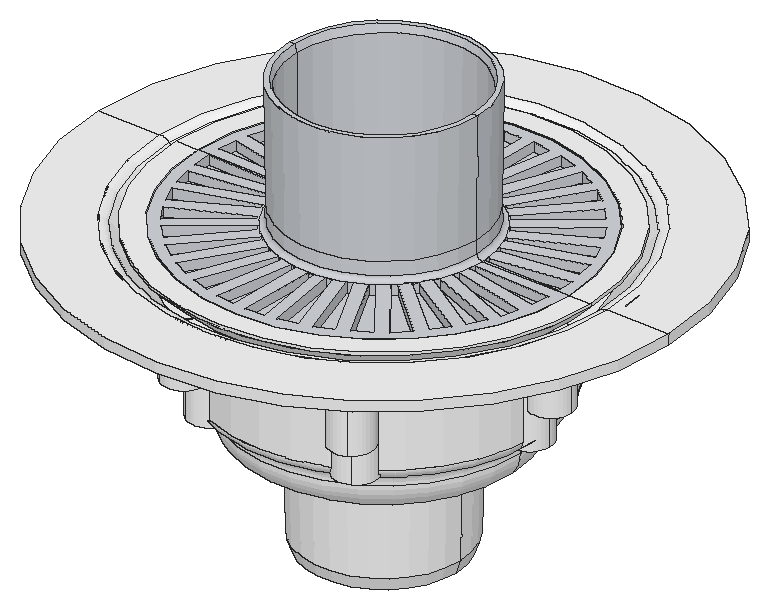
Revit family "3000.109.1 & 110.1 DPJ 65x65 BF", category Plumbing Fixtures, Revit 2019
Family settings
  Round Connector Dimension = Use Diameter
  Part Type = Normal
  OmniClass Number = 23.45.00.00
  Work Plane-Based = No
  Always vertical = Yes
  Cut with Voids When Loaded = No
  Shared = No
  Room Calculation Point = No
Parameters (values of type "DPJ 65x65v")
  Waste Connection = yes
  Vent Connection = no
  V = not(NV)  # yes
  URL = "www.aquaknight.co.nz"
  Phone = "+6498322214"  # constant formula
  NV = no
  Model = "3000.109.1"
  Manufacturer = "Aquanight Industries Ltd"  # constant formula
  Inlet = 26 mm
  HW Connection = no
  Email = "info@aquaknight.co.nz"  # constant formula
  Description = "DownPipe Junction 65x65 vented"
  CW Connection = no
Types (2, lengths in mm): name | V | NV | Model | Inlet | Description
  DPJ 65x65v | yes | no | "3000.109.1" | 26 | "DownPipe Junction 65x65 vented"
  DPJ 65x65nv | no | yes | "3000.110.1" | 27.5 | "DownPipe Junction 65x65 non-vented"
Reference planes
  plane 1 "Center (Front/Back)": y = 0
  plane 2: z = 0
  plane 3 "Center (Left/Right)": x = 0
  plane 4: z = -98.932
  plane 5: z = 26
Forms (mm)
  Revolve 1, solid, material "Plastic, Glossy White"
    sketch origin (0, 0, -4) x (1, 0, 0) y (0, 0, 1)
      loop
        line (115, 0) -> (115, 4) -> (90.299, 4)
        arc (90.299, 4) -> (88.306, 3.585) -> (86.643, 2.41) r 5
        line (86.643, 2.41) -> (74.57, -10.536) -> (74.57, -12.5) -> (58.75, -12.5) -> (58.418, -50.494)
        arc (58.418, -50.494) -> (53.232, -54.057) -> (51.2, -60.012) r 10
        arc (51.2, -60.012) -> (49.075, -65.373) -> (43.898, -67.912) r 8
        line (43.898, -67.912) -> (28.029, -69.3) -> (26.87, -112.137) -> (29.46, -112.137) -> (31, -107.397) -> (31.931, -72.974) -> (44.246, -71.897)
        arc (44.246, -71.897) -> (52.012, -68.088) -> (55.2, -60.047) r 12
        arc (55.2, -60.047) -> (56.482, -56.392) -> (59.73, -54.282) r 6
        arc (59.73, -54.282) -> (61.906, -52.862) -> (62.75, -50.404) r 4
        line (62.75, -50.404) -> (62.75, -19.5) -> (74.07, -19.5)
        arc (74.07, -19.5) -> (76.898, -18.328) -> (78.07, -15.5) r 4
        line (78.07, -15.5) -> (78.07, -13.588)
        arc (78.07, -13.588) -> (78.236, -12.713) -> (78.711, -11.961) r 2.385
        line (78.711, -11.961) -> (89.864, 0) -> (115, 0)
      loop
        line (83.727, 2.845) -> (83.727, 4) -> (75.25, 4) -> (75.25, -0.6) -> (59.25, -0.6) -> (59.25, -5.1) -> (75.5, -5.1) -> (83.727, 2.845)
      axis (0, 4) -> (0, -112.137)
    angle from 0 to 360
  Extrusion 2, solid, material "Plastic, Glossy White", detail levels fine
    sketch origin (0, 0, -4) x (1, 0, 0) y (0, 1, 0)
      loop
        circle (-67.55, 0) r 8.2
      loop
        circle (67.55, 0) r 8.2
      loop
        circle (-33.775, -58.5) r 8.2
      loop
        circle (33.775, 58.5) r 8.2
      loop
        circle (33.775, -58.5) r 8.2
      loop
        circle (-33.775, 58.5) r 8.2
    from -38.379 to -12.5
  Revolve 3, solid, visible <- "V"
    sketch origin (0, 0, 0) x (1, 0, 0) y (0, 0, 1)
      loop
        line (35.279, 48.923) -> (34.624, -1.09) -> (31.114, -4.6) -> (31.114, -8.585) -> (35.1, -4.6) -> (74.875, -4.6) -> (74.875, -0.163) -> (39.508, -0.162)
        arc (39.508, -0.162) -> (38.119, 0.399) -> (37.51, 1.768) r 2
        line (37.51, 1.768) -> (37.329, 6.932) -> (37.918, 51.875) -> (36.111, 51.875) -> (35.279, 48.923)
      axis (0, 51.875) -> (0, -8.585)
    angle from 0 to 360
  Revolve 4, solid, material "Stainless Steel", visible <- "NV"
    sketch origin (0, 0, 0) x (1, 0, 0) y (0, 0, 1)
      loop
        line (-37.905, 55.395) -> (-37.266, 6.57)
        arc (-37.266, 6.57) -> (-38.025, 4.684) -> (-39.901, 3.9) r 2.635
        line (-39.901, 3.9) -> (-83.625, 3.9) -> (-83.625, 0.426) -> (-53.071, 0.038) -> (-35.237, 0.037) -> (-31.114, -4.085) -> (-31.114, 0.864) -> (-34.637, 4.387) -> (-35.265, 52.395) -> (-36.111, 55.395) -> (-37.905, 55.395)
      loop
        line (-75.25, 0.037) -> (-83.656, 0.037) -> (-83.656, -1.232) -> (-76.076, -8.812) -> (-59.25, -8.812) -> (-59.25, -4.6) -> (-75.25, -4.6) -> (-75.25, 0.037)
      axis (0, 55.395) -> (0, -8.812)
    angle from 0 to 360
  Extrusion 5, void
    sketch origin (0, 0, 0) x (1, 0, 0) y (0, 1, 0)
      loop
        line (-16.76, 36.181) -> (-14.686, 37.071) -> (-24.247, 66.093) -> (-31.215, 63.102) -> (-16.76, 36.181)
      loop
        line (-10.223, 38.542) -> (-8.026, 39.058) -> (-12.402, 69.299) -> (-19.783, 67.563) -> (-10.223, 38.542)
      loop
        line (-3.375, 39.731) -> (-1.122, 39.859) -> (-0.18, 70.4) -> (-7.75, 69.972) -> (-3.375, 39.731)
      loop
        line (3.576, 39.714) -> (5.817, 39.448) -> (12.048, 69.361) -> (4.518, 70.255) -> (3.576, 39.714)
      loop
        line (-36.096, 16.943) -> (-35.079, 18.958) -> (-61.058, 35.044) -> (-64.473, 28.274) -> (-36.096, 16.943)
      loop
        line (-32.605, 22.954) -> (-31.254, 24.761) -> (-54.045, 45.114) -> (-58.584, 39.04) -> (-32.605, 22.954)
      loop
        line (-28.124, 28.267) -> (-26.48, 29.812) -> (-45.39, 53.814) -> (-50.914, 48.62) -> (-28.124, 28.267)
      loop
        line (-22.788, 32.721) -> (-20.901, 33.958) -> (-35.356, 60.878) -> (-41.698, 56.723) -> (-22.788, 32.721)
      loop
        line (-38.542, -10.223) -> (-39.058, -8.026) -> (-69.299, -12.402) -> (-67.563, -19.783) -> (-38.542, -10.223)
      loop
        line (-39.731, -3.375) -> (-39.859, -1.122) -> (-70.4, -0.18) -> (-69.972, -7.75) -> (-39.731, -3.375)
      loop
        line (-39.714, 3.576) -> (-39.448, 5.817) -> (-69.361, 12.048) -> (-70.255, 4.518) -> (-39.714, 3.576)
      loop
        line (-38.489, 10.418) -> (-37.838, 12.578) -> (-66.216, 23.909) -> (-68.403, 16.649) -> (-38.489, 10.418)
      loop
        line (-22.954, -32.605) -> (-24.761, -31.254) -> (-45.114, -54.045) -> (-39.04, -58.584) -> (-22.954, -32.605)
      loop
        line (-28.267, -28.124) -> (-29.812, -26.48) -> (-53.814, -45.39) -> (-48.62, -50.914) -> (-28.267, -28.124)
      loop
        line (-32.721, -22.788) -> (-33.958, -20.901) -> (-60.878, -35.356) -> (-56.723, -41.698) -> (-32.721, -22.788)
      loop
        line (-36.181, -16.76) -> (-37.071, -14.686) -> (-66.093, -24.247) -> (-63.102, -31.215) -> (-36.181, -16.76)
      loop
        line (3.375, -39.731) -> (1.122, -39.859) -> (0.18, -70.4) -> (7.75, -69.972) -> (3.375, -39.731)
      loop
        line (-3.576, -39.714) -> (-5.817, -39.448) -> (-12.048, -69.361) -> (-4.518, -70.255) -> (-3.576, -39.714)
      loop
        line (-10.418, -38.489) -> (-12.578, -37.838) -> (-23.909, -66.216) -> (-16.649, -68.403) -> (-10.418, -38.489)
      loop
        line (-16.943, -36.096) -> (-18.958, -35.079) -> (-35.044, -61.058) -> (-28.274, -64.473) -> (-16.943, -36.096)
      loop
        line (28.124, -28.267) -> (26.48, -29.812) -> (45.39, -53.814) -> (50.914, -48.62) -> (28.124, -28.267)
      loop
        line (22.788, -32.721) -> (20.901, -33.958) -> (35.356, -60.878) -> (41.698, -56.723) -> (22.788, -32.721)
      loop
        line (16.76, -36.181) -> (14.686, -37.071) -> (24.247, -66.093) -> (31.215, -63.102) -> (16.76, -36.181)
      loop
        line (10.223, -38.542) -> (8.026, -39.058) -> (12.402, -69.299) -> (19.783, -67.563) -> (10.223, -38.542)
      loop
        line (39.714, -3.576) -> (39.448, -5.817) -> (69.361, -12.048) -> (70.255, -4.518) -> (39.714, -3.576)
      loop
        line (38.489, -10.418) -> (37.838, -12.578) -> (66.216, -23.909) -> (68.403, -16.649) -> (38.489, -10.418)
      loop
        line (36.096, -16.943) -> (35.079, -18.958) -> (61.058, -35.044) -> (64.473, -28.274) -> (36.096, -16.943)
      loop
        line (32.605, -22.954) -> (31.254, -24.761) -> (54.045, -45.114) -> (58.584, -39.04) -> (32.605, -22.954)
      loop
        line (32.721, 22.788) -> (33.958, 20.901) -> (60.878, 35.356) -> (56.723, 41.698) -> (32.721, 22.788)
      loop
        line (36.181, 16.76) -> (37.071, 14.686) -> (66.093, 24.247) -> (63.102, 31.215) -> (36.181, 16.76)
      loop
        line (38.542, 10.223) -> (39.058, 8.026) -> (69.299, 12.402) -> (67.563, 19.783) -> (38.542, 10.223)
      loop
        line (39.731, 3.375) -> (39.859, 1.122) -> (70.4, 0.18) -> (69.972, 7.75) -> (39.731, 3.375)
      loop
        line (10.418, 38.489) -> (12.578, 37.838) -> (23.909, 66.216) -> (16.649, 68.403) -> (10.418, 38.489)
      loop
        line (16.943, 36.096) -> (18.958, 35.079) -> (35.044, 61.058) -> (28.274, 64.473) -> (16.943, 36.096)
      loop
        line (22.954, 32.605) -> (24.761, 31.254) -> (45.114, 54.045) -> (39.04, 58.584) -> (22.954, 32.605)
      loop
        line (28.267, 28.124) -> (29.812, 26.48) -> (53.814, 45.39) -> (48.62, 50.914) -> (28.267, 28.124)
    from -3.851 to 5.895
  Extrusion 6, solid, material "Plastic, Glossy White"
    sketch origin (0, 0, 0) x (1, 0, 0) y (0, 1, 0)
      loop
        circle (-58.802, 0) r 8.195
      loop
        circle (58.802, 0) r 8.195
      loop
        circle (-29.401, 50.924) r 8.195
      loop
        circle (29.401, -50.924) r 8.195
      loop
        circle (29.401, 50.924) r 8.195
      loop
        circle (-29.401, -50.924) r 8.195
    from -16.5 to -57.563
Cuts and joins
  Extrusion 5 cuts Revolve 3
Lines and regions (mm)
  Masking region 1
    outline origin (0, 0, 0) x (1, 0, 0) y (0, 1, 0)
      loop
        circle (0, 0) r 115
  symbolic lines, visible <- "V"
    curve 1: circle (0, 0, 0) r 70 normal (0, 0, 1)
    curve 2: circle (0, 0, 0) r 40 normal (0, 0, 1)
  symbolic lines
    curve 3: circle (0, 0, 0) r 83.625 normal (0, 0, 1)
    curve 10: circle (0, 0, 0) r 32.5 normal (0, 0, 1)
  symbolic lines, style "PlumbingFixtures", detail levels fine
    curve 4: circle (-106.957, -0.183, 0) r 4.5 normal (0, 0, -1)
    curve 5: circle (-53.637, 92.536, 0) r 4.5 normal (0, 0, -1)
    curve 6: circle (53.32, 92.719, 0) r 4.5 normal (0, 0, -1)
    curve 7: circle (106.957, 0.183, 0) r 4.5 normal (0, 0, -1)
    curve 8: circle (53.637, -92.536, 0) r 4.5 normal (0, 0, -1)
    curve 9: circle (-53.32, -92.719, 0) r 4.5 normal (0, 0, -1)
Dimensions and locks
  locked: level to plane 4 at 98.932
  locked: connector elem to plane 1 "Center (Front/Back)" at 0
  locked: connector elem to plane 3 "Center (Left/Right)" at 0
  "Inlet": plane 5 to plane 2
  locked: level to Revolve 4 at 55.395
  locked: cut or joined group of Revolve 3, Extrusion 5 to level at 51.875
  locked: connector elem to plane 1 "Center (Front/Back)"
  aligned and locked: level to plane 2
Automatic sketch dimensions
  Revolve 1 sketch curve to Revolve 1 sketch curve = 0 mm  (x5)
  Revolve 1 sketch curve to plane 3 "Center (Left/Right)" = 0 mm
  Revolve 1 sketch curve to level = 0 mm  (x2)
  plane 3 "Center (Left/Right)" to Revolve 1 sketch curve = 26.87 mm
  plane 3 "Center (Left/Right)" to Revolve 1 sketch curve = 28.029 mm
  Revolve 1 sketch curve to Revolve 1 sketch curve = 2.59 mm
  Revolve 1 sketch curve to plane 4 = 12.465 mm
  Revolve 1 sketch curve to Revolve 1 sketch curve = 1.54 mm
  Revolve 1 sketch curve to Revolve 1 sketch curve = 3.902 mm
  Revolve 1 sketch curve to Revolve 1 sketch curve = 11.269 mm
  plane 4 to Revolve 1 sketch curve = 27.02 mm
  Revolve 1 sketch curve to Revolve 1 sketch curve = 0.697 mm
  plane 4 to Revolve 1 sketch curve = 23.036 mm
  Revolve 1 sketch curve to Revolve 1 sketch curve = 0.349 mm
  Revolve 1 sketch curve to Revolve 1 sketch curve = 15.218 mm
  Revolve 1 sketch curve to level = 16.5 mm
  Revolve 1 sketch curve to Revolve 1 sketch curve = 0.332 mm  (x2)
  Revolve 1 sketch curve to Revolve 1 sketch curve = 0.5 mm  (x2)
  Revolve 1 sketch curve to Revolve 1 sketch curve = 2.781 mm
  Revolve 1 sketch curve to Revolve 1 sketch curve = 4 mm
  Revolve 1 sketch curve to Revolve 1 sketch curve = 11.32 mm
  Revolve 1 sketch curve to Revolve 1 sketch curve = 0.68 mm
  Revolve 1 sketch curve to level = 9.1 mm
  Revolve 1 sketch curve to Revolve 1 sketch curve = 0.25 mm
  Revolve 1 sketch curve to Revolve 1 sketch curve = 3.5 mm
  Revolve 1 sketch curve to level = 15.961 mm
  Revolve 1 sketch curve to Revolve 1 sketch curve = 0.641 mm
  Revolve 1 sketch curve to Revolve 1 sketch curve = 1.744 mm
  Revolve 1 sketch curve to level = 1.155 mm
  Revolve 1 sketch curve to Revolve 1 sketch curve = 8.477 mm
  Revolve 1 sketch curve to level = 1.59 mm
  Revolve 1 sketch curve to Revolve 1 sketch curve = 2.915 mm
  Revolve 1 sketch curve to level = 4 mm
  Revolve 1 sketch curve to Revolve 1 sketch curve = 3.222 mm
  Revolve 1 sketch curve to Revolve 1 sketch curve = 3.657 mm
  Revolve 1 sketch curve to Revolve 1 sketch curve = 24.701 mm
  Revolve 1 sketch curve to Revolve 1 sketch curve = 4.739 mm
  Revolve 1 sketch curve to Revolve 1 sketch curve = 1.077 mm
  Revolve 1 sketch curve to Revolve 1 sketch curve = 3.674 mm
  Revolve 1 sketch curve to Revolve 1 sketch curve = 7.812 mm
  Revolve 1 sketch curve to Revolve 1 sketch curve = 7.97 mm
  Revolve 1 sketch curve to Revolve 1 sketch curve = 9.605 mm
  Revolve 1 sketch curve to Revolve 1 sketch curve = 0.09 mm
  Revolve 1 sketch curve to Revolve 1 sketch curve = 7 mm
  Revolve 1 sketch curve to Revolve 1 sketch curve = 1.964 mm
  Revolve 1 sketch curve to Revolve 1 sketch curve = 4.5 mm
  Revolve 1 sketch curve to Revolve 1 sketch curve = 306.874 mm
  plane 5 to Revolve 1 sketch curve = 2408.778 mm
  plane 1 "Center (Front/Back)" to Extrusion 2 sketch curve = 0 mm  (x2)
  Extrusion 2 sketch curve to plane 3 "Center (Left/Right)" = 67.55 mm
  Extrusion 2 sketch curve to plane 3 "Center (Left/Right)" = 33.775 mm  (x2)
  plane 3 "Center (Left/Right)" to Extrusion 2 sketch curve = 33.775 mm  (x2)
  plane 3 "Center (Left/Right)" to Extrusion 2 sketch curve = 67.55 mm
  plane 1 "Center (Front/Back)" to Extrusion 2 sketch curve = 58.5 mm  (x2)
  Extrusion 2 sketch curve to plane 1 "Center (Front/Back)" = 58.5 mm  (x2)
  Revolve 3 sketch curve to plane 3 "Center (Left/Right)" = 0 mm
  Revolve 3 sketch curve to level = 4.6 mm  (x2)
  plane 3 "Center (Left/Right)" to Revolve 3 sketch curve = 31.114 mm
  Revolve 3 sketch curve to level = 1.09 mm
  Revolve 3 sketch curve to Revolve 3 sketch curve = 3.51 mm
  Revolve 3 sketch curve to Revolve 3 sketch curve = 0.476 mm
  plane 5 to Revolve 3 sketch curve = 22.923 mm
  plane 3 "Center (Left/Right)" to Revolve 3 sketch curve = 35.279 mm
  Revolve 3 sketch curve to Revolve 3 sketch curve = 0.833 mm
  level to Revolve 3 sketch curve = 6.932 mm
  Revolve 3 sketch curve to Revolve 3 sketch curve = 2.705 mm
  level to Revolve 3 sketch curve = 1.768 mm
  Revolve 3 sketch curve to Revolve 3 sketch curve = 2.886 mm
  Revolve 3 sketch curve to Revolve 3 sketch curve = 1.806 mm
  Revolve 3 sketch curve to level = 0.162 mm
  Revolve 3 sketch curve to Revolve 3 sketch curve = 1.999 mm
  Revolve 3 sketch curve to Revolve 3 sketch curve = 35.367 mm
  Revolve 3 sketch curve to Revolve 3 sketch curve = 3.985 mm
  Revolve 3 sketch curve to Revolve 3 sketch curve = 2.952 mm
  Revolve 3 sketch curve to plane 4 = 320.078 mm
  Revolve 3 sketch curve to Revolve 3 sketch curve = 2393.368 mm
  Revolve 4 sketch curve to plane 3 "Center (Left/Right)" = 0 mm
  Revolve 4 sketch curve to level = 4.085 mm
  Revolve 4 sketch curve to plane 3 "Center (Left/Right)" = 31.114 mm
  level to Revolve 4 sketch curve = 4.387 mm
  Revolve 4 sketch curve to Revolve 4 sketch curve = 3.522 mm
  level to Revolve 4 sketch curve = 0.037 mm  (x2)
  Revolve 4 sketch curve to Revolve 4 sketch curve = 4.123 mm
  Revolve 4 sketch curve to plane 3 "Center (Left/Right)" = 35.265 mm
  Revolve 4 sketch curve to Revolve 4 sketch curve = 0.846 mm
  level to Revolve 4 sketch curve = 6.57 mm
  Revolve 4 sketch curve to Revolve 4 sketch curve = 2.629 mm
  Revolve 4 sketch curve to Revolve 4 sketch curve = 1.793 mm
  Revolve 4 sketch curve to Revolve 4 sketch curve = 2.635 mm
  Revolve 4 sketch curve to Revolve 4 sketch curve = 13.17 mm
  Revolve 4 sketch curve to Revolve 4 sketch curve = 6.179 mm
  Revolve 4 sketch curve to level = 4.6 mm
  Revolve 4 sketch curve to Revolve 4 sketch curve = 16 mm
  Revolve 4 sketch curve to Revolve 4 sketch curve = 0.826 mm
  level to Revolve 4 sketch curve = 3.9 mm
  Revolve 4 sketch curve to Revolve 4 sketch curve = 8.375 mm
  Revolve 4 sketch curve to Revolve 4 sketch curve = 0.031 mm
  Revolve 4 sketch curve to Revolve 4 sketch curve = 4.212 mm
  Revolve 4 sketch curve to level = 1.232 mm
  Revolve 4 sketch curve to Revolve 4 sketch curve = 0.389 mm
  level to Revolve 4 sketch curve = 0.864 mm
  plane 5 to Revolve 4 sketch curve = 26.395 mm
  Revolve 4 sketch curve to Revolve 4 sketch curve = 3 mm
  Revolve 4 sketch curve to plane 4 = 320.078 mm
  Revolve 4 sketch curve to Revolve 4 sketch curve = 2389.848 mm
  plane 1 "Center (Front/Back)" to Extrusion 5 sketch curve = 0.18 mm
  Extrusion 5 sketch curve to plane 3 "Center (Left/Right)" = 70.4 mm
  Extrusion 5 sketch curve to plane 1 "Center (Front/Back)" = 4.518 mm
  Extrusion 5 sketch curve to Extrusion 5 sketch curve = 0.145 mm  (x5)
  plane 1 "Center (Front/Back)" to Extrusion 5 sketch curve = 7.75 mm
  Extrusion 5 sketch curve to Extrusion 5 sketch curve = 0.428 mm
  Extrusion 5 sketch curve to plane 1 "Center (Front/Back)" = 12.048 mm
  Extrusion 5 sketch curve to Extrusion 5 sketch curve = 0.893 mm  (x4)
  plane 1 "Center (Front/Back)" to Extrusion 5 sketch curve = 12.402 mm
  Extrusion 5 sketch curve to Extrusion 5 sketch curve = 0.673 mm  (x8)
  Extrusion 5 sketch curve to plane 1 "Center (Front/Back)" = 16.649 mm
  Extrusion 5 sketch curve to Extrusion 5 sketch curve = 0.958 mm  (x8)
  plane 1 "Center (Front/Back)" to Extrusion 5 sketch curve = 19.783 mm
  Extrusion 5 sketch curve to Extrusion 5 sketch curve = 1.736 mm  (x4)
  Extrusion 5 sketch curve to plane 1 "Center (Front/Back)" = 23.909 mm
  Extrusion 5 sketch curve to Extrusion 5 sketch curve = 2.187 mm  (x4)
  plane 1 "Center (Front/Back)" to Extrusion 5 sketch curve = 24.247 mm
  Extrusion 5 sketch curve to Extrusion 5 sketch curve = 1.471 mm  (x8)
  Extrusion 5 sketch curve to plane 1 "Center (Front/Back)" = 28.274 mm
  Extrusion 5 sketch curve to Extrusion 5 sketch curve = 1.743 mm  (x8)
  plane 1 "Center (Front/Back)" to Extrusion 5 sketch curve = 31.215 mm
  Extrusion 5 sketch curve to Extrusion 5 sketch curve = 2.991 mm  (x4)
  Extrusion 5 sketch curve to Extrusion 5 sketch curve = 3.415 mm  (x4)
  Extrusion 5 sketch curve to Extrusion 5 sketch curve = 2.223 mm  (x8)
  Extrusion 5 sketch curve to Extrusion 5 sketch curve = 2.474 mm  (x8)
  Extrusion 5 sketch curve to Extrusion 5 sketch curve = 4.156 mm  (x4)
  Extrusion 5 sketch curve to Extrusion 5 sketch curve = 4.539 mm  (x4)
  Extrusion 5 sketch curve to Extrusion 5 sketch curve = 2.909 mm  (x8)
  Extrusion 5 sketch curve to Extrusion 5 sketch curve = 3.131 mm  (x8)
  Extrusion 5 sketch curve to Extrusion 5 sketch curve = 5.194 mm  (x4)
  Extrusion 5 sketch curve to Extrusion 5 sketch curve = 5.525 mm  (x4)
  Extrusion 5 sketch curve to Extrusion 5 sketch curve = 3.505 mm  (x8)
  Extrusion 5 sketch curve to Extrusion 5 sketch curve = 3.692 mm  (x8)
  plane 1 "Center (Front/Back)" to Extrusion 5 sketch curve = 1.122 mm
  Extrusion 5 sketch curve to Extrusion 5 sketch curve = 30.541 mm
  plane 1 "Center (Front/Back)" to Extrusion 5 sketch curve = 3.375 mm
  Extrusion 5 sketch curve to Extrusion 5 sketch curve = 0.127 mm  (x4)
  Extrusion 5 sketch curve to plane 1 "Center (Front/Back)" = 3.576 mm
  Extrusion 5 sketch curve to plane 1 "Center (Front/Back)" = 5.817 mm
  Extrusion 5 sketch curve to Extrusion 5 sketch curve = 0.266 mm  (x4)
  plane 1 "Center (Front/Back)" to Extrusion 5 sketch curve = 8.026 mm
  Extrusion 5 sketch curve to Extrusion 5 sketch curve = 6.074 mm  (x4)
  plane 1 "Center (Front/Back)" to Extrusion 5 sketch curve = 10.223 mm
  Extrusion 5 sketch curve to Extrusion 5 sketch curve = 0.517 mm  (x4)
  Extrusion 5 sketch curve to plane 1 "Center (Front/Back)" = 10.418 mm
  Extrusion 5 sketch curve to plane 1 "Center (Front/Back)" = 12.578 mm
  Extrusion 5 sketch curve to Extrusion 5 sketch curve = 0.651 mm  (x4)
  plane 1 "Center (Front/Back)" to Extrusion 5 sketch curve = 14.686 mm
  plane 1 "Center (Front/Back)" to Extrusion 5 sketch curve = 16.76 mm
  Extrusion 5 sketch curve to Extrusion 5 sketch curve = 0.89 mm  (x4)
  Extrusion 5 sketch curve to plane 1 "Center (Front/Back)" = 16.943 mm
  Extrusion 5 sketch curve to Extrusion 5 sketch curve = 6.342 mm  (x4)
  Extrusion 5 sketch curve to Extrusion 5 sketch curve = 1.016 mm  (x4)
  Extrusion 5 sketch curve to Extrusion 5 sketch curve = 3.996 mm  (x7)
  Extrusion 5 sketch curve to Extrusion 5 sketch curve = 1.237 mm  (x4)
  Extrusion 5 sketch curve to Extrusion 5 sketch curve = 1.351 mm  (x4)
  Extrusion 5 sketch curve to Extrusion 5 sketch curve = 4.141 mm  (x7)
  Extrusion 5 sketch curve to Extrusion 5 sketch curve = 6.77 mm  (x4)
  Extrusion 5 sketch curve to Extrusion 5 sketch curve = 1.546 mm  (x4)
  Extrusion 5 sketch curve to Extrusion 5 sketch curve = 1.644 mm  (x4)
  Extrusion 5 sketch curve to Extrusion 5 sketch curve = 6.968 mm  (x2)
  Extrusion 5 sketch curve to Extrusion 5 sketch curve = 4.365 mm  (x4)
  Extrusion 5 sketch curve to Extrusion 5 sketch curve = 1.808 mm  (x4)
  Extrusion 5 sketch curve to Extrusion 5 sketch curve = 1.887 mm  (x4)
  Extrusion 5 sketch curve to Extrusion 5 sketch curve = 4.464 mm  (x4)
  Extrusion 5 sketch curve to Extrusion 5 sketch curve = 2.015 mm  (x4)
  Extrusion 5 sketch curve to Extrusion 5 sketch curve = 7.26 mm  (x2)
  Extrusion 5 sketch curve to Extrusion 5 sketch curve = 2.073 mm  (x2)
  Extrusion 5 sketch curve to Extrusion 5 sketch curve = 7.381 mm  (x2)
  Extrusion 5 sketch curve to Extrusion 5 sketch curve = 4.601 mm  (x4)
  Extrusion 5 sketch curve to Extrusion 5 sketch curve = 2.161 mm  (x2)
  Extrusion 5 sketch curve to Extrusion 5 sketch curve = 2.197 mm  (x2)
  Extrusion 5 sketch curve to Extrusion 5 sketch curve = 4.651 mm  (x3)
  Extrusion 5 sketch curve to plane 3 "Center (Left/Right)" = 4.518 mm
  Extrusion 5 sketch curve to Extrusion 5 sketch curve = 2.241 mm  (x2)
  Extrusion 5 sketch curve to plane 3 "Center (Left/Right)" = 3.375 mm
  Extrusion 5 sketch curve to plane 3 "Center (Left/Right)" = 1.122 mm
  Extrusion 5 sketch curve to plane 3 "Center (Left/Right)" = 0.18 mm
  plane 3 "Center (Left/Right)" to Extrusion 5 sketch curve = 0.18 mm
  plane 3 "Center (Left/Right)" to Extrusion 5 sketch curve = 1.122 mm
  Extrusion 5 sketch curve to Extrusion 5 sketch curve = 2.253 mm
  plane 3 "Center (Left/Right)" to Extrusion 5 sketch curve = 3.576 mm
  plane 3 "Center (Left/Right)" to Extrusion 5 sketch curve = 4.518 mm
  Extrusion 5 sketch curve to Extrusion 5 sketch curve = 7.571 mm
  Extrusion 5 sketch curve to Extrusion 5 sketch curve = 7.53 mm
  plane 1 "Center (Front/Back)" to Extrusion 5 sketch curve = 16.943 mm
  Extrusion 5 sketch curve to plane 1 "Center (Front/Back)" = 16.76 mm
  Extrusion 5 sketch curve to plane 1 "Center (Front/Back)" = 14.686 mm
  plane 1 "Center (Front/Back)" to Extrusion 5 sketch curve = 12.578 mm
  plane 1 "Center (Front/Back)" to Extrusion 5 sketch curve = 10.418 mm
  Extrusion 5 sketch curve to plane 1 "Center (Front/Back)" = 10.223 mm
  Extrusion 5 sketch curve to plane 1 "Center (Front/Back)" = 8.026 mm
  plane 1 "Center (Front/Back)" to Extrusion 5 sketch curve = 5.817 mm
  plane 1 "Center (Front/Back)" to Extrusion 5 sketch curve = 3.576 mm
  Extrusion 5 sketch curve to plane 1 "Center (Front/Back)" = 3.375 mm
  Extrusion 5 sketch curve to plane 1 "Center (Front/Back)" = 1.122 mm
  Extrusion 5 sketch curve to plane 1 "Center (Front/Back)" = 31.215 mm
  plane 1 "Center (Front/Back)" to Extrusion 5 sketch curve = 28.274 mm
  Extrusion 5 sketch curve to plane 1 "Center (Front/Back)" = 24.247 mm
  plane 1 "Center (Front/Back)" to Extrusion 5 sketch curve = 23.909 mm
  Extrusion 5 sketch curve to plane 1 "Center (Front/Back)" = 19.783 mm
  plane 1 "Center (Front/Back)" to Extrusion 5 sketch curve = 16.649 mm
  Extrusion 5 sketch curve to plane 1 "Center (Front/Back)" = 12.402 mm
  plane 1 "Center (Front/Back)" to Extrusion 5 sketch curve = 12.048 mm
  Extrusion 5 sketch curve to plane 1 "Center (Front/Back)" = 7.75 mm
  plane 1 "Center (Front/Back)" to Extrusion 5 sketch curve = 4.518 mm
  Extrusion 5 sketch curve to plane 1 "Center (Front/Back)" = 0.18 mm
  Extrusion 5 sketch curve to Extrusion 5 sketch curve = 14.494 mm
  Extrusion 5 sketch curve to Extrusion 5 sketch curve = 15.778 mm
  plane 1 "Center (Front/Back)" to Extrusion 6 sketch curve = 0 mm  (x2)
  Extrusion 6 sketch curve to plane 3 "Center (Left/Right)" = 58.802 mm
  Extrusion 6 sketch curve to plane 3 "Center (Left/Right)" = 29.401 mm  (x2)
  plane 3 "Center (Left/Right)" to Extrusion 6 sketch curve = 29.401 mm  (x2)
  Extrusion 6 sketch curve to Extrusion 6 sketch curve = 29.401 mm
  plane 1 "Center (Front/Back)" to Extrusion 6 sketch curve = 50.924 mm  (x2)
  Extrusion 6 sketch curve to plane 1 "Center (Front/Back)" = 50.924 mm  (x2)
  plane 1 "Center (Front/Back)" to Masking region 1 sketch curve = 0 mm
  Masking region 1 sketch curve to plane 3 "Center (Left/Right)" = 0 mm
  curve 1 to curve 2 = 0 mm  (x2)
  curve 1 to curve 3 = 0 mm  (x2)
  curve 1 to curve 10 = 0 mm  (x2)
  curve 2 to curve 3 = 0 mm  (x2)
  curve 2 to curve 10 = 0 mm  (x2)
  curve 3 to curve 10 = 0 mm  (x2)
  plane 1 "Center (Front/Back)" to curve 3 = 0 mm
  curve 3 to plane 3 "Center (Left/Right)" = 0 mm
  plane 1 "Center (Front/Back)" to curve 4 = 0.183 mm
  plane 1 "Center (Front/Back)" to curve 8 = 92.536 mm
  plane 1 "Center (Front/Back)" to curve 9 = 92.719 mm
  curve 7 to plane 1 "Center (Front/Back)" = 0.183 mm
  curve 5 to plane 1 "Center (Front/Back)" = 92.536 mm
  curve 6 to plane 1 "Center (Front/Back)" = 92.719 mm
  plane 3 "Center (Left/Right)" to curve 6 = 53.32 mm
  plane 3 "Center (Left/Right)" to curve 8 = 53.637 mm
  plane 3 "Center (Left/Right)" to curve 7 = 106.957 mm
  curve 9 to plane 3 "Center (Left/Right)" = 53.32 mm
  curve 5 to plane 3 "Center (Left/Right)" = 53.637 mm
  curve 4 to plane 3 "Center (Left/Right)" = 106.957 mm
  radius of Extrusion 2 sketch curve = 8.2 mm  (x6)
  radius of Extrusion 6 sketch curve = 8.195 mm  (x6)
  radius of Masking region 1 sketch curve = 115 mm
  radius of curve 1 = 70 mm
  radius of curve 2 = 40 mm
  radius of curve 3 = 83.625 mm
  radius of curve 4 = 4.5 mm
  radius of curve 5 = 4.5 mm
  radius of curve 6 = 4.5 mm
  radius of curve 7 = 4.5 mm
  radius of curve 8 = 4.5 mm
  radius of curve 9 = 4.5 mm
  radius of curve 10 = 32.5 mm
Connectors
  piping at (0, 0, -98.932), diameter 65
    settings: on plane 4, index 1, connector inside diameter 609.6 mm, connector length 0 mm, flow factor 0, pipe flow 0.0 L/s, pressure drop 0.0 Pa, fitting loss kfactor 0, connector angle 0.00°, fixture units 0, engagement length 0 mm, angle of deflection 0.00°, flow configuration 0, flow direction 0, fitting loss method 0, system type 28, joint type 0, gender type 0, connector reference index 2, connector utility 0, adjustable connector no, is connector primary no, connector description ""
  piping at (0, 0, 26), diameter 65
    settings: on plane 5, index 2, connector inside diameter 609.6 mm, connector length 0 mm, flow factor 0, pipe flow 0.0 L/s, pressure drop 0.0 Pa, fitting loss kfactor 0, connector angle 0.00°, fixture units 0, engagement length 0 mm, angle of deflection 0.00°, flow configuration 2, flow direction 1, fitting loss method 0, system type 28, joint type 0, gender type 0, connector reference index 1, connector utility 0, adjustable connector no, is connector primary yes, connector description ""
